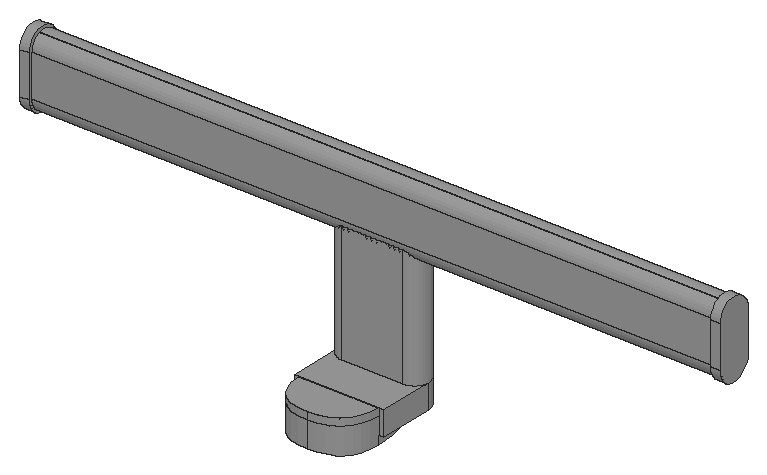
Revit family "0043241 Sylvania Lighting Fixture SYLMIRROR LED SLIM IP44 WW Vertical mount", category Lighting Fixtures, host Face, Revit 2016
Family settings
  Host = Face
  Part Type = Normal
  Round Connector Dimension = Use Diameter
  OmniClass Number = 23.80.70.00
  OmniClass Title = Lighting
  Cut with Voids When Loaded = No
  Light Source = No
  Shared = No
  Room Calculation Point = No
Parameters (values of type "0043241 SYLMIRROR LED SLIM IP44 WW Vertical mount")
  Weight = "1.236 kg"
  Wattage Comments = ""
  WarrantyStartDate [instance] = "n/a"
  WarrantyGuarantorParts = "n/a"
  WarrantyDurationUnit = "n/a"
  WarrantyDurationParts = "n/a"
  WarrantyDescription = "n/a"
  Voltage = 230 V
  URL = "http://www.sylvania-lighting.com"
  TypeName = "SYLMIRROR LED SLIM IP44 WW Vertical mount"
  TypeLamp_SYL = SylMirror LED Slim : 0043241 SylMirror LED Slim
  Type Image = <None>
  Type Comments = "n/a"
  SerialNumber [instance] = "n/a"
  Material_3_FEILO = none
  PowerFactor = 0
  PowerConsumption = "8 W"
  NominalLength = 400 mm
  NominalHeight = 46.8 mm
  NominalDepth = 119.7 mm
  Name = "SYLMIRROR LED SLIM IP44 WW Vertical mount"
  ModelReference = Name  # "SYLMIRROR LED SLIM IP44 WW Vertical mount"
  ModelNumber = "0043241"
  Model = Name  # "SYLMIRROR LED SLIM IP44 WW Vertical mount"
  Material = "aluminum housing, pc diffuser"
  ManufacturerName = "Feilo Sylvania"
  Manufacturer = "Feilo Sylvania"
  LuminousEfficacy = "70 lm/W"
  LuminaireType = ""
  LightOutputRatio = "100"
  LampsType = Lamp  # "LED"
  LampNominalLuminous = "560 lm"
  LampMacAdamStep = "6"
  LampColourTemperature = "3000 K"
  LampColourRenderingIndex = "80"
  Lamp = "LED"
  Keynote = "16500"
  InstallationDate [instance] = "n/a"
  InputVoltage = "220-240V~"
  InputNominalFrequency = "50/60 Hz"
  IngressProtection = "IP44"
  ImpactProtectionIndex = "IK03"
  IfcExportType = "IfcLightFixtureType"
  IfcExportAs = "IfcLightFixtureType"
  ExpectedLife = 50000
  ElectricShockClassification = "Class II"
  DurationUnit = "hours"
  DocumentationLiterature = "http://www.sylvania-lighting.com/product/en-int/products/0043241"
  DimmingControlOptions = "n/a"
  Material_2_FEILO = Base-Sylvania-SylMirror
  Description = ""
  Default Elevation = 1219.2 mm
  CreatedOn = "7/17/2018"
  CreatedBy = "@sylvania-lighting.com"
  Cost = 0
  built-in parameter 1114216 [instance] = (empty or 0)
  ClassificationValue = "EF_70_80"
  ClassificationName = "Uniclass2015"
  Material_1_FEILO = BaseTop-Sylvania-SylMirror
  BarCode [instance] = "n/a"
  AssetType = "Fixed"
  AssetIdentifier [instance] = "n/a"
  Assembly Code = "D5020200"
  Apparent Load = 8 VA
  Material_4_FEILO = none
Reference planes
  plane 1 "Center (Front/Back)": y = 0
  plane 2: z = 0
  plane 3 "Center (Left/Right)": x = 0
  plane 4: z = 5
  plane 5: z = 0
  plane 6: z = 19
  plane 7: y = -10
  plane 8: x = 24
  plane 9: x = -24
  plane 10: y = 30
  plane 11: x = -22.5
  plane 12: x = 22.5
  plane 13: z = 15
  plane 14: y = -15
Forms (mm)
  Extrusion 1, solid, material "Base-Sylvania-SylMirror" <- "Material_2_FEILO"
    sketch origin (0, 0, 0) x (1, 0, 0) y (0, 1, 0)
      loop
        spline (-22.5, -10) -> (-22.344, -13.58) -> (-21.875, -16.849) -> (-21.094, -19.806) -> (-20, -22.452) -> (-18.594, -24.787) -> (-16.875, -26.81) -> (-14.844, -28.522) -> (-12.5, -29.923) -> (-9.844, -31.013) -> (-6.875, -31.791) -> (-3.594, -32.258) -> (0, -32.414)
        spline (0, -32.414) -> (3.594, -32.258) -> (6.875, -31.791) -> (9.844, -31.013) -> (12.5, -29.923) -> (14.844, -28.522) -> (16.875, -26.81) -> (18.594, -24.787) -> (20, -22.452) -> (21.094, -19.806) -> (21.875, -16.849) -> (22.344, -13.58) -> (22.5, -10)
        spline (22.5, -10) -> (22.41, -6.084) -> (22.14, -2.321) -> (21.691, 1.289) -> (21.062, 4.746) -> (20.253, 8.051) -> (19.264, 11.202) -> (18.095, 14.2) -> (16.747, 17.046) -> (15.219, 19.738) -> (13.511, 22.278) -> (11.624, 24.665) -> (9.556, 26.899)
        line (9.556, 26.899) -> (-9.556, 26.899)
        spline (-9.556, 26.899) -> (-11.624, 24.665) -> (-13.511, 22.278) -> (-15.219, 19.738) -> (-16.747, 17.046) -> (-18.095, 14.2) -> (-19.264, 11.202) -> (-20.253, 8.051) -> (-21.062, 4.746) -> (-21.691, 1.289) -> (-22.14, -2.321) -> (-22.41, -6.084) -> (-22.5, -10)
    from 0 to 15
  Extrusion 2, void
    sketch origin (1223.4, -4572, 5) x (-1, 0, 0) y (0, -1, 0)
      loop
        line (1247.4, -4602.37) -> (1247.4, -4562) -> (1199.4, -4562) -> (1199.4, -4602.37) -> (1247.4, -4602.37)
    from 0 to 14
  Extrusion 3, solid, material "BaseTop-Sylvania-SylMirror" <- "Material_1_FEILO"
    sketch origin (1223.4, -4572, 15) x (0, -1, 0) y (-1, 0, 0)
      loop
        spline (-4539.586, 1223.4) -> (-4539.742, 1226.994) -> (-4540.209, 1230.275) -> (-4540.987, 1233.244) -> (-4542.077, 1235.9) -> (-4543.478, 1238.244) -> (-4545.19, 1240.275) -> (-4547.213, 1241.994) -> (-4549.548, 1243.4) -> (-4552.194, 1244.494) -> (-4555.151, 1245.275) -> (-4558.42, 1245.744) -> (-4562, 1245.9)
        line (-4562, 1245.9) -> (-4562, 1200.9)
        spline (-4562, 1200.9) -> (-4558.42, 1201.056) -> (-4555.151, 1201.525) -> (-4552.194, 1202.306) -> (-4549.548, 1203.4) -> (-4547.213, 1204.806) -> (-4545.19, 1206.525) -> (-4543.478, 1208.556) -> (-4542.077, 1210.9) -> (-4540.987, 1213.556) -> (-4540.209, 1216.525) -> (-4539.742, 1219.806) -> (-4539.586, 1223.4)
    from 0 to -4
Cuts and joins
  Extrusion 2 cuts Extrusion 1
Dimensions and locks
  locked: plane 4 to plane 2 at 5
  locked: plane 6 to plane 4 at 14
  locked: plane 7 to plane 1 "Center (Front/Back)" at 10
  locked: plane 7 to plane 10 at 40
  plane 9 to plane 3 "Center (Left/Right)" to plane 8 = 24 mm locked, 24 mm locked
  locked: plane 6 to plane 13 at 4
  locked: plane 14 to plane 7 at 5
  aligned and locked: plane 2 to host face
  aligned and locked: level to host face
  aligned and locked: Extrusion 1 to level
  aligned and locked: plane 9 to Extrusion 2 sketch curve
  aligned and locked: Extrusion 2 sketch curve to plane 7
  aligned and locked: Extrusion 2 sketch curve to plane 8
  aligned and locked: Extrusion 2 to plane 6
  aligned and locked: plane 4 to Extrusion 2
  aligned and locked: Extrusion 1 to plane 13
  aligned and locked: Extrusion 3 sketch curve to cut or joined group of Extrusion 1, Extrusion 2
  aligned and locked: Extrusion 3 to plane 6
  aligned and locked: Extrusion 3 to cut or joined group of Extrusion 1, Extrusion 2
  aligned and locked: plane 3 "Center (Left/Right)" to nested 1
  aligned and locked: nested 1 to plane 4
Nested families
  nested 1: "SylMirror LED Slim" at (0, -15, 12) x (1, 0, 0) z (0, 1, 0), type <- "TypeLamp_SYL", type "0043241 SylMirror LED Slim"
    with built-in parameter 1114216 (empty or 0)
Connectors
  electrical at (0, 0, 0), driven by "Apparent Load", driven by "PowerFactor", driven by "Voltage"
    settings: index 1, voltage 230 V, apparent load 8 VA, apparent load phase1 0 VA, apparent load phase2 0 VA, apparent load phase3 0 VA, power factor 0, load classification "Lighting", number of poles 1, system type 30, power factor state 1, is connector primary yes, connector utility no, sub classification motor no, connector description ""
Definition of nested family "SylMirror LED Slim"
  Parameters (values of type "0043213 SylMirror LED Slim")
    Wattage Comments = ""
    Wattage = 8 W
    built-in parameter 1150110 = 1 (stored number, unit not read)
    URL = "http://www.feilosylvania.com"
    Type Image = (empty or 0)
    Type Comments = "n/a"
    built-in parameter 1114217 = 1 (stored number, unit not read)
    Tilt Angle = -90.00°
    built-in parameter 1150109 = 1 (stored number, unit not read)
    built-in parameter 1150134 = 12
    built-in parameter 1150113 = 1 (stored number, unit not read)
    Photometric Web File = "0043213.IES"
    built-in parameter 1150142 = "﻿IESNA:LM-63-1995\r\n[TEST] 196188\r\n[DATE] 2017/9/27\r\n[MANUFAC] Feilo Sylvania\r\n[LUMCAT] W400C40-7 8W 4000K\r\n[LUMINAIRE] \r\n[LAMPCAT] \r\n[LAMP] \r\nTILT=NONE\r\n1 -1 1.0 37 13 1 2 0.033 0.390 0.010\r\n1 1 7.903\r\n0.0 5.0 10.0 15.0 20.0 25.0 30.0 35.0 40.0 45.0 50.0 55.0 60.0 65.0 70.0 75.0 80.0 85.0 90.0 95.0 100.0 105.0 110.0 115.0 120.0 125.0 130.0 135.0 140.0 145.0 150.0 155.0 160.0 165.0 170.0 175.0 180.0\r\n0.0 15.0 30.0 45.0 60.0 75.0 90.0 105.0 120.0 135.0 150.0 165.0 180.0 \r\n220.750 219.409 215.685 208.535 200.939 189.022 177.404 164.147 148.805 135.995 121.695 106.502 91.756 77.754 58.986 47.218 33.217 22.641 16.236 0.000 10.129 2.681 4.915 4.022 3.128 2.830 1.341 1.490 0.894 0.894 0.000 0.894 0.894 0.149 0.000 0.000 1.787\r\n214.642 212.557 209.131 201.832 196.023 185.447 175.319 163.551 148.805 134.952 119.163 105.459 91.309 76.711 59.284 46.623 33.068 22.045 14.597 0.149 6.405 2.681 4.767 3.575 3.426 1.936 0.894 1.787 0.298 0.745 0.000 0.149 0.149 0.149 0.298 1.043 1.043\r\n217.026 215.685 212.110 205.556 197.960 187.980 175.021 162.806 148.060 135.548 119.163 104.863 89.223 75.222 57.198 41.707 30.536 18.172 11.618 1.043 2.830 2.979 4.171 3.128 1.490 2.085 0.447 0.149 0.149 1.341 0.894 0.000 1.192 0.149 0.000 0.149 0.298\r\n218.664 216.430 212.259 206.897 198.406 187.831 176.212 162.062 149.252 133.909 118.269 102.331 88.032 72.243 56.453 39.622 25.918 15.491 7.895 2.234 2.681 1.638 2.532 1.341 1.192 0.745 0.000 0.298 0.298 0.298 0.000 0.447 1.341 0.000 0.000 0.000 0.298\r\n218.068 216.281 212.259 204.067 197.662 188.278 175.914 162.062 146.422 133.612 118.269 101.438 84.755 69.412 53.474 38.132 22.194 12.214 4.915 0.149 1.341 0.596 0.447 1.490 1.192 0.894 0.894 0.447 0.000 0.745 0.000 0.596 0.000 0.596 0.000 1.043 0.745\r\n215.089 215.089 209.578 204.514 195.576 187.384 174.872 162.806 146.719 129.739 115.737 99.352 82.520 67.774 51.836 35.153 19.811 7.895 1.043 0.000 1.341 1.192 0.000 0.000 0.000 1.341 0.000 0.745 0.745 0.000 0.000 0.447 1.341 0.000 0.000 0.000 0.447\r\n213.600 212.706 210.919 201.683 194.832 185.001 172.191 159.381 144.485 131.377 115.886 100.991 83.414 66.433 50.644 35.153 16.385 4.171 1.192 0.000 0.298 0.000 0.000 0.000 0.000 0.000 0.596 0.000 0.000 0.000 0.596 0.000 0.000 0.000 0.000 0.298 0.596\r\n215.089 215.089 209.578 204.514 195.576 187.384 174.872 162.806 146.719 129.739 115.737 99.352 82.520 67.774 51.836 35.153 19.811 7.895 1.043 0.000 1.341 1.192 0.000 0.000 0.000 1.341 0.000 0.745 0.745 0.000 0.000 0.447 1.341 0.000 0.000 0.000 0.447\r\n218.068 216.281 212.259 204.067 197.662 188.278 175.914 162.062 146.422 133.612 118.269 101.438 84.755 69.412 53.474 38.132 22.194 12.214 4.915 0.149 1.341 0.596 0.447 1.490 1.192 0.894 0.894 0.447 0.000 0.745 0.000 0.596 0.000 0.596 0.000 1.043 0.745\r\n218.664 216.430 212.259 206.897 198.406 187.831 176.212 162.062 149.252 133.909 118.269 102.331 88.032 72.243 56.453 39.622 25.918 15.491 7.895 2.234 2.681 1.638 2.532 1.341 1.192 0.745 0.000 0.298 0.298 0.298 0.000 0.447 1.341 0.000 0.000 0.000 0.298\r\n217.026 215.685 212.110 205.556 197.960 187.980 175.021 162.806 148.060 135.548 119.163 104.863 89.223 75.222 57.198 41.707 30.536 18.172 11.618 1.043 2.830 2.979 4.171 3.128 1.490 2.085 0.447 0.149 0.149 1.341 0.894 0.000 1.192 0.149 0.000 0.149 0.298\r\n214.642 212.557 209.131 201.832 196.023 185.447 175.319 163.551 148.805 134.952 119.163 105.459 91.309 76.711 59.284 46.623 33.068 22.045 14.597 0.149 6.405 2.681 4.767 3.575 3.426 1.936 0.894 1.787 0.298 0.745 0.000 0.149 0.149 0.149 0.298 1.043 1.043\r\n220.750 219.409 215.685 208.535 200.939 189.022 177.404 164.147 148.805 135.995 121.695 106.502 91.756 77.754 58.986 47.218 33.217 22.641 16.236 0.000 10.129 2.681 4.915 4.022 3.128 2.830 1.341 1.490 0.894 0.894 0.000 0.894 0.894 0.149 0.000 0.000 1.787\r\n"
    Material_3_SYL = none
    Model = ""
    Manufacturer = "Feilo Sylvania"
    built-in parameter 1150105 = 44.563 (stored number, unit not read)
    Lumens = 560 lm
    built-in parameter 1150115 = 1 (stored number, unit not read)
    built-in parameter 1150137 = (empty or 0)
    built-in parameter 1150139 = (empty or 0)
    built-in parameter 1150112 = 1 (stored number, unit not read)
    built-in parameter 1150114 = 1 (stored number, unit not read)
    Lamp = ""
    Keynote = "16500"
    built-in parameter 1150132 = (empty or 0)
    built-in parameter 1150102 = (empty or 0)
    built-in parameter 1150107 = 4000 (stored number, unit not read)
    built-in parameter 1150138 = (empty or 0)
    built-in parameter 1150106 = 0.44563 (stored number, unit not read)
    Emit from Rectangle Width = 41 mm
    Emit from Rectangle Length = 388 mm
    Emit Shape Visible in Rendering = no
    built-in parameter 1150104 = 6.5032 (stored number, unit not read)
    Material_2_SYL = none
    Dimming Lamp Color Temperature Shift = (empty or 0)
    Description = ""
    Default Elevation = 1219.2 mm
    Cost = 0
    Color Filter = 16777215
    built-in parameter 1114216 [instance] = (empty or 0)
    ClassificationValue_old = "EF_70_80"
    ClassificationName_old = "Uniclass2015"
    Material_1_SYL = none
    built-in parameter 1114218 = 1 (stored number, unit not read)
    built-in parameter 1150133 = 10 (stored number, unit not read)
    Assembly Code = "D5020200"
    Apparent Load = 0 VA
    Material_4_SYL = none
  Types (2, lengths in mm): name | built-in parameter 1150134 | Photometric Web File | built-in parameter 1150107 | Emit from Rectangle Width | Emit from Rectangle Length
    0043213 SylMirror LED Slim | 12 | "0043213.IES" | 4000 (stored number, unit not read) | 41 | 388
    0043241 SylMirror LED Slim | (empty or 0) | "0043241.IES" | 3000 (stored number, unit not read) | 40 | 389
  Reference planes
    plane 1 "Center (Front/Back)": y = 0
    plane 2: z = 0
    plane 3 "Center (Left/Right)": x = 0
    plane 4: x = 200
    plane 5: x = -200
    plane 6: y = 7.5
    plane 7: y = -7.5
    plane 8: x = 42.5
    plane 9: x = -42.5
    plane 10: z = 45
    plane 11: z = 5
    plane 12: x = -25.5
    plane 13: x = 25.5
    plane 14: y = 7
    plane 15: y = -7
    plane 16: y = -112.2
    plane 17: z = 29
    plane 18: z = 46.8
    plane 19: z = 27.2
    plane 20: x = -35
    plane 21: x = 35
    plane 22: x = -17.5
    plane 23: x = 17.5
    plane 24: y = -68.6
    plane 25: x = 194.5
    plane 26: x = -194.5
    plane 27: z = 37
    plane 28: y = -90.4
    plane 29: z = 45.5
    plane 30: z = 28.5
    plane 31: y = -110.9
    plane 32: y = -69.9
    plane 33: y = -102.4
    plane 34: y = -78.4
    plane 35: z = 34
  Forms (mm)
    Extrusion 1, solid
      sketch origin (4.2, 0, 0) x (1, 0, 0) y (0, 1, 0)
        loop
          line (-1219.2, 1219.2) -> (-1219.2, -1219.2) -> (1219.2, -1219.2) -> (1219.2, 1219.2) -> (-1219.2, 1219.2)
      from 0 to -68.017
    Extrusion 2, solid, material <- "Material_1_SYL"
      sketch origin (0, 0, 0) x (1, 0, 0) y (0, 0, 1)
        loop
          line (-25.5, 5) -> (25.5, 5) -> (25.5, 37)
          arc (25.5, 37) -> (23.157, 42.657) -> (17.5, 45) r 8
          line (17.5, 45) -> (-17.5, 45)
          arc (-17.5, 45) -> (-23.157, 42.657) -> (-25.5, 37) r 8
          line (-25.5, 37) -> (-25.5, 5)
      from -7 to 7
    Extrusion 3, solid, material <- "Material_1_SYL"
      sketch origin (1524, -7, 1219.2) x (1, 0, 0) y (0, 0, 1)
        loop
          arc (-1541.5, -1174.2) -> (-1549.5, -1182.2) -> (-1541.5, -1190.2) r 8
          line (-1541.5, -1190.2) -> (-1506.5, -1190.2)
          arc (-1506.5, -1190.2) -> (-1498.5, -1182.2) -> (-1506.5, -1174.2) r 8
          line (-1506.5, -1174.2) -> (-1541.5, -1174.2)
      from 0 to 83.4
    Extrusion 4, solid, material <- "Material_1_SYL"
      sketch origin (0, 0, 0) x (0, 1, 0) y (0, 0, 1)
        loop
          arc (-102.4, 45.5) -> (-109.391, 41.835) -> (-110.353, 34) r 8.5
          line (-110.353, 34) -> (-70.447, 34)
          arc (-70.447, 34) -> (-71.409, 41.835) -> (-78.4, 45.5) r 8.5
          line (-78.4, 45.5) -> (-102.4, 45.5)
      from -194.5 to 194.5
    Extrusion 5, solid, material <- "Material_1_SYL"
      sketch origin (-200, 1524, 1219.2) x (0, 1, 0) y (0, 0, 1)
        loop
          line (-1626.4, -1192) -> (-1602.4, -1192)
          arc (-1602.4, -1192) -> (-1592.6, -1182.2) -> (-1602.4, -1172.4) r 9.8
          line (-1602.4, -1172.4) -> (-1626.4, -1172.4)
          arc (-1626.4, -1172.4) -> (-1636.2, -1182.2) -> (-1626.4, -1192) r 9.8
      from 0 to 5.5
    Extrusion 6, solid, material <- "Material_1_SYL"
      sketch origin (200, 1524, 1219.2) x (0, 1, 0) y (0, 0, 1)
        loop
          line (-1602.4, -1172.4) -> (-1626.4, -1172.4)
          arc (-1626.4, -1172.4) -> (-1636.2, -1182.2) -> (-1626.4, -1192) r 9.8
          line (-1626.4, -1192) -> (-1602.4, -1192)
          arc (-1602.4, -1192) -> (-1592.6, -1182.2) -> (-1602.4, -1172.4) r 9.8
      from 0 to -5.5
    Extrusion 7, solid, material <- "Material_2_SYL"
      sketch origin (0, 0, 0) x (0, 1, 0) y (0, 0, 1)
        loop
          line (-102.4, 28.5) -> (-78.4, 28.5)
          arc (-78.4, 28.5) -> (-73.565, 30.009) -> (-70.447, 34) r 8.5
          line (-70.447, 34) -> (-110.353, 34)
          arc (-110.353, 34) -> (-107.235, 30.009) -> (-102.4, 28.5) r 8.5
      from -194.5 to 194.5
  Cuts and joins
    joined: Extrusion 2, Extrusion 3, Extrusion 4
  Dimensions and locks
    locked: plane 10 to plane 2 at 45
    locked: plane 16 to plane 6 at 119.7
    locked: plane 11 to plane 2 at 5
    plane 15 to plane 1 "Center (Front/Back)" to plane 14 = 7 mm locked, 7 mm locked
    plane 7 to plane 1 "Center (Front/Back)" to plane 6 = 7.5 mm locked, 7.5 mm locked
    plane 5 to plane 3 "Center (Left/Right)" to plane 4 = 200 mm locked, 200 mm locked
    plane 12 to plane 3 "Center (Left/Right)" to plane 13 = 25.5 mm locked, 25.5 mm locked
    plane 9 to plane 3 "Center (Left/Right)" to plane 8 = 42.5 mm locked, 42.5 mm locked
    locked: plane 9 to plane 20 at 7.5
    locked: plane 21 to plane 8 at 7.5
    locked: plane 22 to plane 12 at 8
    locked: plane 13 to plane 23 at 8
    locked: plane 16 to plane 24 at 43.6
    locked: plane 5 to plane 26 at 5.5
    locked: plane 25 to plane 4 at 5.5
    locked: plane 27 to plane 10 at 8
    equal spacing: plane 17, plane 27, plane 10
    equal spacing: plane 19, plane 27, plane 18
    plane 19 to plane 18 = 19.6 mm
    locked: plane 16 to plane 28 at 21.8
    equal spacing: plane 30, plane 27, plane 29
    locked: plane 30 to plane 29 at 17
    equal spacing: plane 31, plane 28, plane 32
    locked: plane 16 to plane 31 at 1.3
    locked: plane 31 to plane 33 at 8.5
    locked: plane 34 to plane 32 at 8.5
    locked: plane 35 to plane 27 at 3
    aligned and locked: plane 2 to Extrusion 1
    aligned and locked: level to Extrusion 1
    aligned and locked: plane 12 to Extrusion 2 sketch curve
    aligned and locked: Extrusion 2 sketch curve to plane 13
    aligned and locked: plane 10 to Extrusion 2 sketch curve  (x2)
    aligned and locked: plane 11 to Extrusion 2 sketch curve
    aligned and locked: plane 15 to Extrusion 2
    aligned and locked: Extrusion 2 to plane 14
    aligned and locked: Extrusion 2 to Extrusion 3 sketch curve
    aligned and locked: plane 17 to Extrusion 3 sketch curve  (x2)
    aligned and locked: Extrusion 3 sketch curve to Extrusion 2
    aligned and locked: Extrusion 3 to plane 15
    aligned and locked: plane 28 to Extrusion 3
    aligned and locked: plane 33 to Extrusion 4 sketch curve
    aligned and locked: plane 34 to Extrusion 4 sketch curve
    aligned and locked: plane 27 to Extrusion 4 sketch curve  (x2)
    aligned and locked: plane 25 to Extrusion 4
    aligned and locked: Extrusion 4 to plane 26
    aligned and locked: plane 33 to Extrusion 5 sketch curve  (x2)
    aligned and locked: plane 34 to Extrusion 5 sketch curve  (x2)
    aligned and locked: plane 27 to Extrusion 5 sketch curve  (x2)
    aligned and locked: plane 18 to Extrusion 5 sketch curve
    aligned and locked: Extrusion 5 sketch curve to plane 19
    aligned and locked: plane 26 to Extrusion 5
    aligned and locked: Extrusion 5 to plane 5
    aligned and locked: Extrusion 6 sketch curve to Extrusion 5  (x2)
    aligned and locked: Extrusion 6 to plane 25
    aligned and locked: plane 4 to Extrusion 6
    aligned and locked: Extrusion 4 sketch curve to plane 35
    aligned and locked: plane 30 to Extrusion 7 sketch curve
    aligned and locked: cut or joined group of Extrusion 2, Extrusion 3, Extrusion 4 to Extrusion 7 sketch curve
    aligned and locked: Extrusion 7 sketch curve to cut or joined group of Extrusion 2, Extrusion 3, Extrusion 4
    aligned and locked: plane 33 to Extrusion 7 sketch curve
    aligned and locked: plane 27 to Extrusion 7 sketch curve  (x2)
    aligned and locked: plane 34 to Extrusion 7 sketch curve
    aligned and locked: plane 25 to Extrusion 7
    aligned and locked: Extrusion 7 to plane 26
    aligned and locked: plane 3 "Center (Left/Right)" to imposter light
    aligned and locked: plane 30 to imposter light
    aligned and locked: plane 28 to imposter light
  Automatic sketch dimensions
    Extrusion 1 sketch curve to Extrusion 1 sketch curve = 2438.4 mm  (x2)
    Extrusion 2 sketch curve to plane 22 = 0 mm
    Extrusion 2 sketch curve to plane 23 = 0 mm
    Extrusion 3 sketch curve to plane 22 = 0 mm
    Extrusion 3 sketch curve to plane 23 = 0 mm
    plane 29 to Extrusion 4 sketch curve = 0 mm
